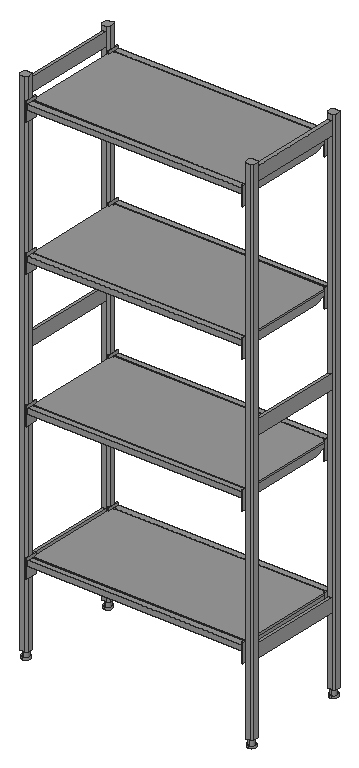
Revit family "QF_ELECTROLUXPROFESSIONAL_137010_ALS772", category Attrezzature speciali, Revit 2020
Family settings
  Quota connettore circolare = Usa diametro
  Tipo di parte = Normale
  Basato su piano di lavoro = No
  Sempre verticale = Sì
  Taglio con vuoti quando caricato = No
  Condiviso = No
  Punto di calcolo locali = No
Parameters (values of type "Standard")
  Weight = 16.00 kg
  Watts = 0 W
  Volts = 0 V
  URL Manufacturer = "https://www.electroluxprofessional.com/"
  URL = "https://www.electroluxprofessional.com/"
  Steam Supply Size = 0 mm
  Steam Supply Minimum Pressure = 0.0 Pa
  Steam Supply Maximum Pressure = 0.0 Pa
  Steam Consumption per Hour = 0
  Refrigeration Suction Line Size = 0.0 mm
  Refrigeration Liquid Line Size = 0.0 mm
  Refrigerant Compressor Remote = yes
  Prospetto di default = 0.0 mm
  Phase = 0
  Modello = "ALS772"
  Produttore = "Electrolux Professional"
  Length Actual = 772.0 mm  # constant formula
  Item Number = "137010"
  Hot Water Size = 0 mm
  Height Actual = 1700.0 mm  # constant formula
  HP = "0 HP"
  Gas Size = 0 mm
  Gas KW = 0
  Gas Input Pressure = 0 W
  Direct Waste Size = 0 mm
  Descrizione = "ALUM.LINEAR SHELV.-POLY.TIERS-373X772MM"
  Depth Actual = 373.0 mm  # constant formula
  Cycle = 0 Hz
  Condensate Return Size = 0 mm
  Compressed Air Volume = 0.0 L/s
  Compressed Air Size = 0 mm
  Compressed Air Pressure = 0.0 Pa
  Cold Water Size = 0 mm
  Accessory = yes
Reference planes
  plane 1: z = 0
  plane 2 "Center (Left/Right)": x = -31
  plane 3 "LEFT": x = -417
  plane 4 "RIGHT": x = 355
  plane 5 "BACK": y = 23
  plane 6 "FRONT": y = -350
  plane 7 "TOP": z = 1700
  plane 8: x = 350
  plane 9: x = -385
  plane 10: x = 323
  plane 11 "Center (Front/Back)": y = -163.5
  plane 12: x = 318
  plane 13: y = -8.5
  plane 14: y = -318.5
  plane 15 "FEET": z = 25
  plane 16: z = 275
  plane 17: z = 725
  plane 18: z = 1175
  plane 19: z = 1625
  plane 20 "CXLeft": x = -403
  plane 21 "CXRight": x = 341
  plane 22: y = 5.5
  plane 23 "CYBack": y = 5.5
  plane 24 "CYFront": y = -332.5
Forms (mm)
  Extrusion 1, solid, material "QF_Aluminum"
    sketch origin (-417, 0, 0) x (0, 1, 0) y (0, 0, 1)
      loop
        line (4, 1650.994) -> (4, 1632.998) -> (23, 1632.998) -> (23, 1650.994) -> (4, 1650.994)
      loop
        line (-331, 1650.994) -> (-350, 1650.994) -> (-350, 1632.998) -> (-331, 1632.998) -> (-331, 1650.994)
      loop
        line (4, 1200.994) -> (4, 1182.998) -> (23, 1182.998) -> (23, 1200.994) -> (4, 1200.994)
      loop
        line (-331, 1200.994) -> (-350, 1200.994) -> (-350, 1182.998) -> (-331, 1182.998) -> (-331, 1200.994)
      loop
        line (4, 750.994) -> (4, 732.998) -> (23, 732.998) -> (23, 750.994) -> (4, 750.994)
      loop
        line (-331, 750.994) -> (-350, 750.994) -> (-350, 732.998) -> (-331, 732.998) -> (-331, 750.994)
      loop
        line (4, 300.994) -> (4, 282.998) -> (23, 282.998) -> (23, 300.994) -> (4, 300.994)
      loop
        line (-331, 300.994) -> (-350, 300.994) -> (-350, 282.998) -> (-331, 282.998) -> (-331, 300.994)
    from 32 to 740
  Extrusion 2, solid, material "QF_Polyethylene"
    sketch origin (-417, 0, 0) x (0, 1, 0) y (0, 0, 1)
      loop
        line (2.007, 1650.994) -> (-329, 1650.994) -> (-329, 1644.496) -> (2.007, 1644.496) -> (2.007, 1650.994)
      loop
        line (2.007, 1200.994) -> (-329, 1200.994) -> (-329, 1194.496) -> (2.007, 1194.496) -> (2.007, 1200.994)
      loop
        line (2.007, 750.994) -> (-329, 750.994) -> (-329, 744.496) -> (2.007, 744.496) -> (2.007, 750.994)
      loop
        line (2.007, 300.994) -> (-329, 300.994) -> (-329, 294.496) -> (2.007, 294.496) -> (2.007, 300.994)
    from 32 to 740
  Extrusion 3, solid, material "QF_Aluminum"
    sketch origin (355, 0, 0) x (0, 1, 0) y (0, 0, 1)
      loop
        line (-12, 1632.998) -> (4, 1632.998) -> (4, 1650.994) -> (2.007, 1650.994) -> (2.007, 1644.496) -> (-329, 1644.496) -> (-329, 1650.994) -> (-331, 1650.994) -> (-331, 1632.998) -> (-315, 1632.998) -> (-281, 1620.994) -> (-46, 1620.994) -> (-12, 1632.998)
      loop
        line (-12, 1182.998) -> (4, 1182.998) -> (4, 1200.994) -> (2.007, 1200.994) -> (2.007, 1194.496) -> (-329, 1194.496) -> (-329, 1200.994) -> (-331, 1200.994) -> (-331, 1182.998) -> (-315, 1182.998) -> (-281, 1170.994) -> (-46, 1170.994) -> (-12, 1182.998)
      loop
        line (-12, 732.998) -> (4, 732.998) -> (4, 750.994) -> (2.007, 750.994) -> (2.007, 744.496) -> (-329, 744.496) -> (-329, 750.994) -> (-331, 750.994) -> (-331, 732.998) -> (-315, 732.998) -> (-281, 720.994) -> (-46, 720.994) -> (-12, 732.998)
      loop
        line (-12, 282.998) -> (4, 282.998) -> (4, 300.994) -> (2.007, 300.994) -> (2.007, 294.496) -> (-329, 294.496) -> (-329, 300.994) -> (-331, 300.994) -> (-331, 282.998) -> (-315, 282.998) -> (-281, 270.994) -> (-46, 270.994) -> (-12, 282.998)
    from -32 to -37
Lines and regions (mm)
  symbolic lines
    curve 1: line (323, 4, 1700) -> (-385, 4, 1700)
    curve 2: line (-389, 23, 1700) -> (327, 23, 1700)
    curve 3: line (327, 13.246, 1700) -> (333.254, 19.5, 1700)
    curve 4: line (333.254, -8.5, 1700) -> (327, -2.246, 1700)
    curve 5: line (333.254, -318.5, 1700) -> (327, -324.754, 1700)
    curve 6: line (-389, -350, 1700) -> (327, -350, 1700)
    curve 7: line (327, 23, 1700) -> (327, -12.993, 1700)
    curve 8: line (327, -12.993, 1700) -> (323, -12.993, 1700)
    curve 9: line (327, -350, 1700) -> (327, -314.007, 1700)
    curve 10: line (327, -314.007, 1700) -> (323, -314.007, 1700)
    curve 11: line (-385, -12.993, 1700) -> (-385, -314.007, 1700)
    curve 12: line (-385, -331, 1700) -> (323, -331, 1700)
    curve 13: line (323, -12.993, 1700) -> (323, -314.007, 1700)
Dimensions and locks
  locked: plane 3 "LEFT" to plane 4 "RIGHT" at 772
  equal spacing: plane 3 "LEFT", plane 2 "Center (Left/Right)", plane 4 "RIGHT"
  locked: plane 7 "TOP" to level at 1700
  locked: plane 5 "BACK" to plane 6 "FRONT" at 373
  locked: plane 4 "RIGHT" to plane 8 at 5
  locked: plane 9 to plane 10 at 708
  locked: plane 3 "LEFT" to plane 9 at 32
  plane 12 to plane 10 = 5.0 mm
  locked: plane 13 to plane 14 at 310
  equal spacing: plane 13, plane 11 "Center (Front/Back)", plane 14
  equal spacing: plane 5 "BACK", plane 11 "Center (Front/Back)", plane 6 "FRONT"
  plane 15 "FEET" to level = 25.0 mm
  plane 7 "TOP" to plane 15 "FEET" = 1675.0 mm
  plane 16 to plane 15 "FEET" = 250.0 mm
  plane 17 to plane 16 = 450.0 mm
  plane 18 to plane 17 = 450.0 mm
  plane 19 to plane 18 = 450.0 mm
  locked: plane 3 "LEFT" to plane 20 "CXLeft" at 14
  locked: plane 21 "CXRight" to plane 4 "RIGHT" at 14
  locked: plane 5 "BACK" to plane 23 "CYBack" at 17.5
  locked: plane 24 "CYFront" to plane 6 "FRONT" at 17.5
  aligned and locked: level to plane 1
  aligned and locked: plane 9 to Extrusion 2
  aligned and locked: Extrusion 2 to plane 10
  aligned and locked: plane 9 to Extrusion 1
  aligned and locked: Extrusion 1 to plane 10
  aligned and locked: Extrusion 1 sketch curve to Extrusion 1 sketch curve  (x2)
  aligned and locked: Extrusion 3 sketch curve to Extrusion 3 sketch curve  (x3)
  aligned and locked: Extrusion 3 to plane 12
  aligned and locked: Extrusion 3 to plane 10
  aligned and locked: plane 20 "CXLeft" to nested 1
  aligned and locked: plane 21 "CXRight" to nested 2
Automatic sketch dimensions
  Extrusion 1 sketch curve to plane 6 "FRONT" = 0.0 mm  (x4)
  Extrusion 1 sketch curve to plane 5 "BACK" = 0.0 mm  (x4)
  plane 24 "CYFront" to Extrusion 1 sketch curve = 1.5 mm  (x2)
  plane 22 to Extrusion 1 sketch curve = 1.5 mm  (x4)
  plane 16 to Extrusion 1 sketch curve = 7.998 mm  (x2)
  Extrusion 1 sketch curve to Extrusion 1 sketch curve = 17.997 mm  (x8)
  plane 17 to Extrusion 1 sketch curve = 7.998 mm  (x2)
  plane 18 to Extrusion 1 sketch curve = 7.998 mm  (x2)
  plane 19 to Extrusion 1 sketch curve = 7.998 mm  (x2)
  plane 24 "CYFront" to Extrusion 2 sketch curve = 3.5 mm  (x4)
  plane 22 to Extrusion 2 sketch curve = 3.493 mm  (x4)
  plane 16 to Extrusion 2 sketch curve = 19.496 mm
  Extrusion 2 sketch curve to Extrusion 2 sketch curve = 6.499 mm  (x4)
  plane 17 to Extrusion 2 sketch curve = 19.496 mm
  plane 18 to Extrusion 2 sketch curve = 19.496 mm
  plane 19 to Extrusion 2 sketch curve = 19.496 mm
  plane 24 "CYFront" to Extrusion 3 sketch curve = 1.5 mm  (x4)
  Extrusion 3 sketch curve to Extrusion 3 sketch curve = 2.0 mm
  plane 14 to Extrusion 3 sketch curve = 3.5 mm  (x4)
  Extrusion 3 sketch curve to plane 16 = 4.006 mm
  Extrusion 3 sketch curve to Extrusion 3 sketch curve = 34.0 mm  (x4)
  Extrusion 3 sketch curve to plane 17 = 4.006 mm
  Extrusion 3 sketch curve to plane 18 = 4.006 mm
  Extrusion 3 sketch curve to plane 19 = 4.006 mm
  Extrusion 3 sketch curve to plane 13 = 37.5 mm  (x4)
  Extrusion 3 sketch curve to plane 13 = 3.5 mm  (x4)
  plane 22 to Extrusion 3 sketch curve = 3.493 mm  (x4)
  plane 22 to Extrusion 3 sketch curve = 1.5 mm  (x4)
  plane 16 to Extrusion 3 sketch curve = 7.998 mm  (x2)
  Extrusion 3 sketch curve to Extrusion 3 sketch curve = 11.498 mm  (x4)
  Extrusion 3 sketch curve to Extrusion 3 sketch curve = 6.499 mm  (x8)
  plane 17 to Extrusion 3 sketch curve = 7.998 mm  (x2)
  plane 18 to Extrusion 3 sketch curve = 7.998 mm  (x2)
  plane 19 to Extrusion 3 sketch curve = 7.998 mm  (x2)
  curve 6 to plane 6 "FRONT" = 0.0 mm
  curve 12 to plane 9 = 0.0 mm
  curve 12 to plane 10 = 0.0 mm
  curve 5 to plane 14 = 0.0 mm
  curve 11 to plane 9 = 0.0 mm
  curve 8 to plane 10 = 0.0 mm
  curve 4 to plane 13 = 0.0 mm
  curve 1 to plane 9 = 0.0 mm
  curve 1 to plane 10 = 0.0 mm
  curve 2 to plane 5 "BACK" = 0.0 mm
  plane 14 to curve 10 = 4.493 mm
  curve 7 to plane 13 = 4.493 mm
  curve 10 to plane 10 = 4.0 mm
  curve 7 to plane 10 = 4.0 mm
  plane 24 "CYFront" to curve 12 = 1.5 mm
  curve 5 to plane 14 = 6.254 mm
  plane 14 to curve 11 = 4.493 mm
  curve 11 to plane 13 = 4.493 mm
  plane 13 to curve 4 = 6.254 mm
  plane 22 to curve 1 = 1.5 mm
  curve 3 to plane 22 = 7.746 mm
  curve 3 to plane 5 "BACK" = 3.5 mm
  curve 5 to curve 9 = 6.254 mm
  curve 3 to curve 2 = 6.254 mm
  curve 4 to curve 7 = 6.254 mm
  plane 9 to curve 2 = 4.0 mm
  plane 9 to curve 6 = 4.0 mm
Nested families
  nested 1: "WT_Anta373" at (0, 0, 0), type "WT_Anta373"
  nested 2: "WT_Anta373" at (-62, 0, 0) x (-1, 0, 0) z (0, 0, 1), type "WT_Anta373"
Definition of nested family "WT_Anta373"
  Parameters
    WidthLeft = A + 64.0 mm  # 772.0 mm
    Width = 1606.0 mm
    Right = WidthLeft / 2  # 386.0 mm
    Default Elevation = 0.0 mm
    Left = -WidthLeft / 2  # -386.0 mm
    Height = 1725.0 mm
    FEET = 25.0 mm
    E = 0.0 mm
    Dint = Depth - 63.0 mm  # 310.0 mm
    Dext = Depth - 8.0 mm  # 365.0 mm
    Depth = 373.0 mm
    DX = (WidthLeft - A) / 2  # 32.0 mm
    B = 798.0 mm
    A = 708.0 mm
  Reference planes
    plane 1: z = 0
    plane 2 "LEFT": x = -417
    plane 3 "BACK": y = 23
    plane 4 "FRONT": y = -350
    plane 5 "TOP": z = 1725
    plane 6 "Center (Front/Back)": y = -163.5
    plane 7: y = -8.5
    plane 8: y = -318.5
    plane 9 "FEET": z = 25
    plane 10: z = 275
    plane 11: z = 725
    plane 12: z = 1175
    plane 13: z = 1625
    plane 14 "CXLeft": x = -403
    plane 15: y = 5.5
    plane 16 "CYBack": y = 5.5
    plane 17 "CYFront": y = -332.5
    plane 18: x = -385.031
    plane 19: x = -380.031
  Forms (mm)
    Extrusion 1, solid
      sketch origin (0, 0, 0) x (1, 0, 0) y (0, 1, 0)
        loop
          line (-417, 13.246) -> (-417, -2.246) -> (-410.746, -8.5) -> (-395.254, -8.5) -> (-389, -2.246) -> (-389, 13.246) -> (-395.254, 19.5) -> (-410.746, 19.5) -> (-417, 13.246)
      from 1725 to 25
    Extrusion 2, solid
      sketch origin (-417, 0, 0) x (0, 1, 0) y (0, 0, 1)
        loop
          line (23, 246.005) -> (23, 307.993) -> (-12.993, 307.993) -> (-12.993, 246.005) -> (23, 246.005)
        loop
          line (-350, 246.005) -> (-314.007, 246.005) -> (-314.007, 307.993) -> (-350, 307.993) -> (-350, 246.005)
        loop
          line (23, 696.005) -> (23, 757.993) -> (-12.993, 757.993) -> (-12.993, 696.005) -> (23, 696.005)
        loop
          line (-350, 696.005) -> (-314.007, 696.005) -> (-314.007, 757.993) -> (-350, 757.993) -> (-350, 696.005)
        loop
          line (23, 1146.005) -> (23, 1207.993) -> (-12.993, 1207.993) -> (-12.993, 1146.005) -> (23, 1146.005)
        loop
          line (-350, 1146.005) -> (-314.007, 1146.005) -> (-314.007, 1207.993) -> (-350, 1207.993) -> (-350, 1146.005)
        loop
          line (23, 1596.005) -> (23, 1657.993) -> (-12.993, 1657.993) -> (-12.993, 1596.005) -> (23, 1596.005)
        loop
          line (-350, 1596.005) -> (-314.007, 1596.005) -> (-314.007, 1657.993) -> (-350, 1657.993) -> (-350, 1596.005)
      from 28 to 32
    Revolve 3, solid
      sketch origin (-403, 0, 0) x (0, 1, 0) y (0, 0, 1)
        loop
          line (5.5, 25) -> (5.5, 0) -> (19, 0) -> (19, 5) -> (14, 5) -> (14, 25) -> (5.5, 25)
        axis (5.5, 25) -> (5.5, 0)
      angle from 0 to 360
    Extrusion 4, solid
      sketch origin (-403, 0, 0) x (0, 1, 0) y (0, 0, 1)
        loop
          line (-8.5, 912.382) -> (-8.5, 957.374) -> (-318.5, 957.374) -> (-318.5, 912.382) -> (-8.5, 912.382)
        loop
          line (-8.5, 1662.244) -> (-8.5, 1707.236) -> (-318.5, 1707.236) -> (-318.5, 1662.244) -> (-8.5, 1662.244)
      from -5 to 5
    Revolve 5, solid
      sketch origin (-403, -627, 0) x (0, -1, 0) y (0, 0, 1)
        loop
          line (-294.5, 25) -> (-294.5, 0) -> (-281, 0) -> (-281, 5) -> (-286, 5) -> (-286, 25) -> (-294.5, 25)
        axis (-294.5, 25) -> (-294.5, 0)
      angle from 0 to 360
    Extrusion 6, solid
      sketch origin (0, -627, 0) x (1, 0, 0) y (0, 1, 0)
        loop
          line (-417, 286.754) -> (-410.746, 280.5) -> (-395.254, 280.5) -> (-389, 286.754) -> (-389, 302.246) -> (-395.254, 308.5) -> (-410.746, 308.5) -> (-417, 302.246) -> (-417, 286.754)
      from 1725 to 25
    Extrusion 7, solid
      sketch origin (-417.031, -0.022, 0) x (0, 1, 0) y (0, 0, -1)
        loop
          line (-12, -1632.998) -> (-46, -1620.994) -> (-281, -1620.994) -> (-315, -1632.998) -> (-331, -1632.998) -> (-331, -1650.994) -> (-329, -1650.994) -> (-329, -1644.496) -> (2.007, -1644.496) -> (2.007, -1650.994) -> (4, -1650.994) -> (4, -1632.998) -> (-12, -1632.998)
        loop
          line (-12, -1182.998) -> (-46, -1170.994) -> (-281, -1170.994) -> (-315, -1182.998) -> (-331, -1182.998) -> (-331, -1200.994) -> (-329, -1200.994) -> (-329, -1194.496) -> (2.007, -1194.496) -> (2.007, -1200.994) -> (4, -1200.994) -> (4, -1182.998) -> (-12, -1182.998)
        loop
          line (-12, -732.998) -> (-46, -720.994) -> (-281, -720.994) -> (-315, -732.998) -> (-331, -732.998) -> (-331, -750.994) -> (-329, -750.994) -> (-329, -744.496) -> (2.007, -744.496) -> (2.007, -750.994) -> (4, -750.994) -> (4, -732.998) -> (-12, -732.998)
        loop
          line (-12, -282.998) -> (-46, -270.994) -> (-281, -270.994) -> (-315, -282.998) -> (-331, -282.998) -> (-331, -300.994) -> (-329, -300.994) -> (-329, -294.496) -> (2.007, -294.496) -> (2.007, -300.994) -> (4, -300.994) -> (4, -282.998) -> (-12, -282.998)
      from -32 to -37
    Extrusion 8, solid
      sketch origin (-403, 0, -659.878) x (0, 1, 0) y (0, 0, 1)
        loop
          line (-8.5, 912.382) -> (-8.5, 957.374) -> (-318.5, 957.374) -> (-318.5, 912.382) -> (-8.5, 912.382)
        loop
          line (-8.5, 1572.382) -> (-8.5, 1617.374) -> (-318.5, 1617.374) -> (-318.5, 1572.382) -> (-8.5, 1572.382)
        loop
          line (-8.5, 2322.382) -> (-8.5, 2367.374) -> (-318.5, 2367.374) -> (-318.5, 2322.382) -> (-8.5, 2322.382)
      from -5 to 5
  Lines and regions (mm)
    symbolic lines
      curve 1: line (-408, -8.5, 1725) -> (-408, -318.5, 1725)
      curve 2: line (-398, -318.5, 1725) -> (-398, -8.5, 1725)
      curve 3: line (-395.254, -8.5, 1725) -> (-410.746, -8.5, 1725)
      curve 4: line (-417, -2.246, 1725) -> (-410.746, -8.5, 1725)
      curve 5: line (-417, 13.246, 1725) -> (-417, -2.246, 1725)
      curve 6: line (-410.746, 19.5, 1725) -> (-417, 13.246, 1725)
      curve 7: line (-395.254, 19.5, 1725) -> (-410.746, 19.5, 1725)
      curve 8: line (-389, 13.246, 1725) -> (-395.254, 19.5, 1725)
      curve 9: line (-395.254, -8.5, 1725) -> (-389, -2.246, 1725)
      curve 10: line (-395.254, -318.5, 1725) -> (-410.746, -318.5, 1725)
      curve 11: line (-417, -324.754, 1725) -> (-410.746, -318.5, 1725)
      curve 12: line (-410.746, -346.5, 1725) -> (-417, -340.246, 1725)
      curve 13: line (-395.254, -346.5, 1725) -> (-410.746, -346.5, 1725)
      curve 14: line (-389, -340.246, 1725) -> (-395.254, -346.5, 1725)
      curve 15: line (-395.254, -318.5, 1725) -> (-389, -324.754, 1725)
      curve 16: line (-389, -350, 1725) -> (-389, -314.007, 1725)
      curve 17: line (-389, -314.007, 1725) -> (-385, -314.007, 1725)
      curve 18: line (-389, 23, 1725) -> (-389, -12.993, 1725)
      curve 19: line (-389, -12.993, 1725) -> (-385, -12.993, 1725)
      curve 20: line (-417, -324.754, 1725) -> (-417, -340.246, 1725)
      curve 21: line (-385, -350, 1725) -> (-385, -314.007, 1725)
      curve 22: line (-385, -350, 1725) -> (-389, -350, 1725)
      curve 23: line (-385, 23, 1725) -> (-389, 23, 1725)
      curve 24: line (-385, -12.993, 1725) -> (-385, 23, 1725)
      curve 25: line (-385.031, -13.016, 1725) -> (-385.031, -314.029, 1725)
  Dimensions and locks
    "Height": plane 5 "TOP" to level
    "Depth": plane 3 "BACK" to plane 4 "FRONT"
    "Dint": plane 7 to plane 8
    equal spacing: plane 7, plane 6 "Center (Front/Back)", plane 8
    equal spacing: plane 3 "BACK", plane 6 "Center (Front/Back)", plane 4 "FRONT"
    plane 9 "FEET" to level = 25.0 mm
    plane 5 "TOP" to plane 9 "FEET" = 1700.0 mm
    plane 10 to plane 9 "FEET" = 250.0 mm
    plane 11 to plane 10 = 450.0 mm
    plane 12 to plane 11 = 450.0 mm
    plane 13 to plane 12 = 450.0 mm
    locked: plane 2 "LEFT" to plane 14 "CXLeft" at 14
    locked: plane 3 "BACK" to plane 16 "CYBack" at 17.5
    locked: plane 17 "CYFront" to plane 4 "FRONT" at 17.5
    locked: Revolve 3 sketch curve to Revolve 3 sketch curve at 8.5
    locked: Revolve 3 sketch curve to plane 16 "CYBack" at 13.5
    locked: Revolve 5 sketch curve to Revolve 5 sketch curve at 8.5
    aligned and locked: level to plane 1
    aligned and locked: curve 20 to Extrusion 6
    aligned and locked: plane 5 "TOP" to Extrusion 1
    aligned and locked: plane 5 "TOP" to Extrusion 6
    aligned and locked: Extrusion 7 sketch curve to Extrusion 7 sketch curve  (x3)
  Automatic sketch dimensions
    curve 16 to plane 4 "FRONT" = 0.0 mm
    curve 11 to plane 8 = 0.0 mm
    curve 9 to plane 7 = 0.0 mm
    curve 5 to plane 2 "LEFT" = 0.0 mm
    curve 23 to plane 3 "BACK" = 0.0 mm
    plane 4 "FRONT" to curve 13 = 3.5 mm
    curve 20 to plane 17 "CYFront" = 7.746 mm
    curve 20 to plane 8 = 6.254 mm
    plane 8 to curve 16 = 4.493 mm
    curve 24 to plane 18 = 0.031 mm
    curve 24 to plane 7 = 4.493 mm
    plane 7 to curve 5 = 6.254 mm
    curve 5 to plane 15 = 7.746 mm
    curve 6 to plane 3 "BACK" = 3.5 mm
    curve 21 to plane 18 = 0.031 mm
    plane 18 to curve 23 = 3.969 mm
    plane 18 to curve 16 = 3.969 mm
    curve 18 to curve 8 = 6.254 mm
    curve 18 to curve 3 = 6.254 mm
    curve 16 to curve 13 = 6.254 mm
    curve 16 to curve 15 = 6.254 mm
    plane 2 "LEFT" to curve 10 = 6.254 mm
    plane 2 "LEFT" to curve 7 = 6.254 mm
    plane 2 "LEFT" to curve 12 = 6.254 mm
    plane 2 "LEFT" to curve 3 = 6.254 mm
    curve 14 to plane 17 "CYFront" = 7.746 mm
    curve 15 to plane 8 = 6.254 mm
    plane 7 to curve 9 = 6.254 mm
    curve 8 to plane 15 = 7.746 mm
    curve 3 to curve 2 = 2.746 mm
    curve 1 to curve 10 = 2.746 mm
    Extrusion 1 sketch curve to plane 2 "LEFT" = 0.0 mm
    Extrusion 1 sketch curve to plane 7 = 0.0 mm
    plane 2 "LEFT" to Extrusion 1 sketch curve = 6.254 mm  (x2)
    plane 14 "CXLeft" to Extrusion 1 sketch curve = 7.746 mm  (x2)
    Extrusion 1 sketch curve to plane 3 "BACK" = 3.5 mm
    plane 18 to Extrusion 1 sketch curve = 3.969 mm
    plane 7 to Extrusion 1 sketch curve = 6.254 mm  (x2)
    Extrusion 1 sketch curve to plane 15 = 7.746 mm  (x2)
    Extrusion 2 sketch curve to plane 4 "FRONT" = 0.0 mm  (x4)
    Extrusion 2 sketch curve to plane 3 "BACK" = 0.0 mm  (x4)
    plane 8 to Extrusion 2 sketch curve = 4.493 mm  (x4)
    Extrusion 2 sketch curve to plane 7 = 4.493 mm  (x4)
    Extrusion 2 sketch curve to plane 10 = 28.995 mm  (x2)
    plane 10 to Extrusion 2 sketch curve = 32.993 mm  (x2)
    Extrusion 2 sketch curve to plane 11 = 28.995 mm  (x2)
    plane 11 to Extrusion 2 sketch curve = 32.993 mm  (x2)
    Extrusion 2 sketch curve to plane 12 = 28.995 mm  (x2)
    plane 12 to Extrusion 2 sketch curve = 32.993 mm  (x2)
    Extrusion 2 sketch curve to plane 13 = 28.995 mm  (x2)
    plane 13 to Extrusion 2 sketch curve = 32.993 mm  (x2)
    Revolve 3 sketch curve to plane 9 "FEET" = 0.0 mm  (x2)
    Revolve 3 sketch curve to plane 15 = 0.0 mm  (x2)
    Revolve 3 sketch curve to level = 0.0 mm
    level to Revolve 3 sketch curve = 5.0 mm
    Revolve 3 sketch curve to Revolve 3 sketch curve = 11.655 mm
    Extrusion 4 sketch curve to plane 8 = 0.0 mm  (x2)
    Extrusion 4 sketch curve to plane 7 = 0.0 mm  (x2)
    plane 11 to Extrusion 4 sketch curve = 187.382 mm
    Extrusion 4 sketch curve to Extrusion 4 sketch curve = 44.992 mm
    plane 13 to Extrusion 4 sketch curve = 37.244 mm
    Extrusion 4 sketch curve to plane 5 "TOP" = 17.764 mm
    Revolve 5 sketch curve to plane 9 "FEET" = 0.0 mm  (x2)
    Revolve 5 sketch curve to plane 17 "CYFront" = 0.0 mm  (x2)
    Revolve 5 sketch curve to level = 0.0 mm
    Revolve 5 sketch curve to plane 4 "FRONT" = 4.0 mm
    Revolve 5 sketch curve to Revolve 5 sketch curve = 5.0 mm
    level to Revolve 5 sketch curve = 11.655 mm
    Extrusion 6 sketch curve to plane 2 "LEFT" = 0.0 mm
    Extrusion 6 sketch curve to plane 8 = 0.0 mm
    Extrusion 6 sketch curve to plane 2 "LEFT" = 6.254 mm  (x2)
    Extrusion 6 sketch curve to plane 14 "CXLeft" = 7.746 mm  (x2)
    Extrusion 6 sketch curve to plane 4 "FRONT" = 3.5 mm
    Extrusion 6 sketch curve to plane 18 = 3.969 mm
    plane 8 to Extrusion 6 sketch curve = 6.254 mm  (x2)
    plane 17 "CYFront" to Extrusion 6 sketch curve = 7.746 mm  (x2)
    plane 17 "CYFront" to Extrusion 7 sketch curve = 1.478 mm  (x4)
    Extrusion 7 sketch curve to Extrusion 7 sketch curve = 2.0 mm
    plane 8 to Extrusion 7 sketch curve = 3.478 mm  (x4)
    Extrusion 7 sketch curve to plane 10 = 4.006 mm
    Extrusion 7 sketch curve to Extrusion 7 sketch curve = 34.0 mm  (x4)
    Extrusion 7 sketch curve to plane 11 = 4.006 mm
    Extrusion 7 sketch curve to plane 12 = 4.006 mm
    Extrusion 7 sketch curve to plane 13 = 4.006 mm
    Extrusion 7 sketch curve to plane 7 = 37.522 mm  (x4)
    Extrusion 7 sketch curve to plane 7 = 3.522 mm  (x4)
    plane 15 to Extrusion 7 sketch curve = 3.516 mm  (x4)
    plane 15 to Extrusion 7 sketch curve = 1.522 mm  (x4)
    plane 13 to Extrusion 7 sketch curve = 7.998 mm  (x2)
    Extrusion 7 sketch curve to Extrusion 7 sketch curve = 11.498 mm
    Extrusion 7 sketch curve to Extrusion 7 sketch curve = 6.499 mm  (x5)
    plane 12 to Extrusion 7 sketch curve = 25.994 mm  (x2)
    plane 12 to Extrusion 7 sketch curve = 7.998 mm  (x2)
    plane 11 to Extrusion 7 sketch curve = 25.994 mm  (x2)
    plane 11 to Extrusion 7 sketch curve = 7.998 mm  (x2)
    plane 10 to Extrusion 7 sketch curve = 25.994 mm  (x2)
    plane 10 to Extrusion 7 sketch curve = 7.998 mm  (x2)
    curve 25 to plane 18 = 0.0 mm
    plane 8 to curve 25 = 4.471 mm
    curve 25 to plane 7 = 4.516 mm
    Extrusion 8 sketch curve to plane 8 = 0.0 mm  (x3)
    Extrusion 8 sketch curve to plane 7 = 0.0 mm  (x3)
    Extrusion 8 sketch curve to plane 10 = 22.496 mm
    plane 10 to Extrusion 8 sketch curve = 22.496 mm
    plane 11 to Extrusion 8 sketch curve = 187.504 mm
    Extrusion 8 sketch curve to Extrusion 8 sketch curve = 44.992 mm
    plane 13 to Extrusion 8 sketch curve = 37.504 mm
    Extrusion 8 sketch curve to plane 5 "TOP" = 17.504 mm
